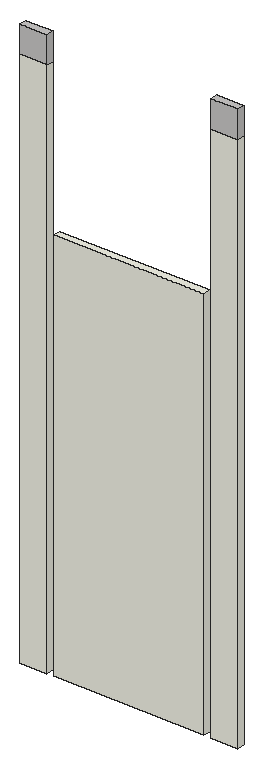
Revit family
Parameters (values of type "B-1048")
  Width Value = if(Inswing Visibility, Inswing Value, if(Outswing, Outswing Value, if(Panel, Panel Value, 36")))  # 22"
  URL = "http://www.bobrick.com"
  Right Stile Visible = yes
  Right Stile Value = if(Right Stile Width < 3", 3", if(Right Stile Width > 24", 24", Right Stile Width))  # 4"
  Partition Material = Laminated Plastic - Bobrick - Designer White
  Panel Value = if(DoorPanel Width < 1", 1", if(DoorPanel Width > 84", 84", DoorPanel Width))  # 1"
  Panel Height [instance] = if(Ceiling Height < 96", 84", if(Ceiling Height > 120", 108", (Ceiling Height - 12")))  # 84"
  Panel = not(Door Panel)  # no
  Outswing Value = if(DoorPanel Width < 25", 25", if(DoorPanel Width > 37", 37", DoorPanel Width))  # 25"
  Outswing = and(not(Inswing Visibility), Door Panel)  # no
  Model = "B1048 DesignerSeries Ceiling-Hung"
  Manufacturer = "Bobrick Washroom Equipment, Inc."
  Left Stile Visible = yes
  Left Stile Value = if(Left Stile Width < 3", 3", if(Left Stile Width > 24", 24", Left Stile Width))  # 4"
  Inswing Visibility = and(Inswing, Door Panel)  # yes
  Inswing Value = if(DoorPanel Width < 22", 22", if(DoorPanel Width > 37", 37", DoorPanel Width))  # 22"
  Inswing = yes
  DoorPanel Width = 1"
  Door Panel = yes
  Description = "Partitioins and Screens wirh Laminated Plastic Surfaces and Edges"
  Right Stile Width = 4"
  Ceiling Height [instance] = 96"
  Assembly Code = "C1030200"
  Left Stile Width = 4"
Reference planes (in)
  plane 1 "Center (Front/Back)": y = 0
  plane 2 "Ceiling": z = 96
  plane 3 "Center (Left/Right)": x = 0
  plane 4: y = 0.5
  plane 5: y = -0.5
  plane 6: x = -16
  plane 7: x = -12
  plane 8: x = -11
  plane 9: x = 11
  plane 10: x = 12
  plane 11: x = 16
  plane 12: z = 92
  plane 13: z = 70
  plane 14: z = 12
  plane 15: z = 41
  plane 16: x = 10
  plane 17: y = 22.5
Forms (in)
  Extrusion 1, solid, material "Laminated Plastic - Bobrick - Designer White" <- "Partition Material", visible <- "Left Stile Visible"
    sketch origin (0, 0, 0) x (1, 0, 0) y (0, 1, 0)
      loop
        line (-16, 0.5) -> (-16, -0.5) -> (-12, -0.5) -> (-12, 0.5) -> (-16, 0.5)
    from 12 to 92
  Extrusion 2, solid, material "Laminated Plastic - Bobrick - Designer White" <- "Partition Material", visible <- "Right Stile Visible"
    sketch origin (0, 0, 0) x (1, 0, 0) y (0, 1, 0)
      loop
        line (12, 0.5) -> (12, -0.5) -> (16, -0.5) -> (16, 0.5) -> (12, 0.5)
    from 12 to 92
  Extrusion 3, solid, material "Laminated Plastic - Bobrick - Designer White" <- "Partition Material"
    sketch origin (0, 0, 0) x (1, 0, 0) y (0, 1, 0)
      loop
        line (-11, 0.5) -> (-11, -0.5) -> (11, -0.5) -> (11, 0.5) -> (-11, 0.5)
    from 12 to 70
  Extrusion 4, solid, material "Stainless Steel - Bobrick - Satin", visible <- "Left Stile Visible"
    sketch origin (0, 0, 0) x (1, 0, 0) y (0, 1, 0)
      loop
        line (-16, 0.5) -> (-16, -0.5) -> (-12, -0.5) -> (-12, 0.5) -> (-16, 0.5)
    from 92 to 96
  Extrusion 5, solid, material "Stainless Steel - Bobrick - Satin", visible <- "Right Stile Visible"
    sketch origin (0, 0, 0) x (1, 0, 0) y (0, 1, 0)
      loop
        line (12, 0.5) -> (12, -0.5) -> (16, -0.5) -> (16, 0.5) -> (12, 0.5)
    from 92 to 96
Lines and regions (in)
  Masking region 1, visible <- "Left Stile Visible"
    outline origin (0, 0, 0) x (1, 0, 0) y (0, 0, 1)
      loop
        line (-16, 12) -> (-12, 12) -> (-12, 96) -> (-16, 96) -> (-16, 12)
  Masking region 2, visible <- "Right Stile Visible"
    outline origin (0, 0, 0) x (1, 0, 0) y (0, 0, 1)
      loop
        line (12, 96) -> (12, 12) -> (16, 12) -> (16, 96) -> (12, 96)
  Masking region 3
    outline origin (0, 0, 0) x (1, 0, 0) y (0, 0, 1)
      loop
        line (-11, 70) -> (-11, 12) -> (11, 12) -> (11, 70) -> (-11, 70)
  Masking region 4
    outline origin (0, 0, 0) x (0, 1, 0) y (0, 0, 1)
      loop
        line (0.5, 96) -> (-0.5, 96) -> (-0.5, 12) -> (0.5, 12) -> (0.5, 96)
  Masking region 5, visible <- "Left Stile Visible"
    outline origin (0, 0, 0) x (1, 0, 0) y (0, 1, 0)
      loop
        line (-16, 0.5) -> (-16, -0.5) -> (-12, -0.5) -> (-12, 0.5) -> (-16, 0.5)
  Masking region 6, visible <- "Panel"
    outline origin (0, 0, 0) x (1, 0, 0) y (0, 1, 0)
      loop
        line (-11, 0.5) -> (-11, -0.5) -> (11, -0.5) -> (11, 0.5) -> (-11, 0.5)
  Masking region 7, visible <- "Right Stile Visible"
    outline origin (0, 0, 0) x (1, 0, 0) y (0, 1, 0)
      loop
        line (12, 0.5) -> (12, -0.5) -> (16, -0.5) -> (16, 0.5) -> (12, 0.5)
  symbolic lines, style "Partition Elevation Swing", visible <- "Door Panel"
    curve 1: line (-11, 0, 70) -> (11, 0, 41)
    curve 2: line (11, 0, 41) -> (-11, 0, 12)
  symbolic lines, style "Partition Plan Swing", visible <- "Door Panel"
    curve 3: line (10, 22.5, 0) -> (10, 0.5, 0)
    curve 4: line (10, 22.5, 0) -> (11, 22.5, 0)
    curve 5: line (11, 22.5, 0) -> (11, 0.5, 0)
    curve 6: line (10, 0.5, 0) -> (11, 0.5, 0)
    curve 7: arc (-11, 0.5, 0) -> (-4.55635, 16.05635, 0) -> (11, 22.5, 0) r 22
  symbolic lines, style "Partition", visible <- "Left Stile Visible"
    curve 8: line (-16, 0, 92) -> (-12, 0, 92)
  symbolic lines, style "Partition", visible <- "Right Stile Visible"
    curve 9: line (12, 0, 92) -> (16, 0, 92)
Dimensions and locks (in)
  equal spacing: host sketch curve, plane 3 "Center (Left/Right)", host sketch curve
  equal spacing: host sketch curve, plane 1 "Center (Front/Back)", host sketch curve
  host sketch curve to host sketch curve = 120"  (x2)
  locked: plane 7 to plane 8 at 1
  locked: plane 9 to plane 10 at 1
  "Width Value": plane 8 to plane 9
  equal spacing: plane 8, plane 3 "Center (Left/Right)", plane 9
  "Right Stile Value": plane 10 to plane 11
  "Left Stile Value": plane 6 to plane 7
  equal spacing: plane 5, plane 1 "Center (Front/Back)", plane 4
  locked: plane 4 to plane 5 at 1
  locked: plane 2 "Ceiling" to plane 12 at 4
  locked: plane 13 to plane 14 at 58
  locked: plane 2 "Ceiling" to host ceiling
  "Panel Height": plane 2 "Ceiling" to plane 14
  equal spacing: plane 13, plane 15, plane 14
  "Width Value": plane 17 to plane 4
  locked: plane 16 to plane 9 at 1
  aligned and locked: Extrusion 1 sketch curve to plane 4
  aligned and locked: Extrusion 1 sketch curve to plane 7
  aligned and locked: plane 5 to Extrusion 1 sketch curve
  aligned and locked: plane 6 to Extrusion 1 sketch curve
  aligned and locked: Extrusion 2 sketch curve to plane 4
  aligned and locked: plane 10 to Extrusion 2 sketch curve
  aligned and locked: plane 5 to Extrusion 2 sketch curve
  aligned and locked: Extrusion 2 sketch curve to plane 11
  aligned and locked: Extrusion 3 sketch curve to plane 4
  aligned and locked: plane 8 to Extrusion 3 sketch curve
  aligned and locked: plane 5 to Extrusion 3 sketch curve
  aligned and locked: Extrusion 3 sketch curve to plane 9
  aligned: plane 2 "Ceiling" to Extrusion 1
  aligned and locked: plane 13 to Extrusion 3
  aligned: plane 2 "Ceiling" to Extrusion 2
  aligned and locked: Extrusion 2 to plane 14
  aligned and locked: Extrusion 3 to plane 14
  aligned and locked: Extrusion 1 to plane 14
  aligned and locked: plane 12 to Extrusion 1
  aligned and locked: plane 12 to Extrusion 2
  aligned and locked: Extrusion 4 sketch curve to plane 7
  aligned and locked: plane 6 to Extrusion 4 sketch curve
  aligned and locked: Extrusion 4 sketch curve to plane 4
  aligned and locked: plane 5 to Extrusion 4 sketch curve
  aligned and locked: plane 2 "Ceiling" to Extrusion 4
  aligned and locked: Extrusion 4 to plane 12
  aligned and locked: curve 3 to plane 16
  aligned and locked: curve 4 to plane 17
  aligned and locked: Extrusion 3 to curve 7
  aligned and locked: plane 9 to curve 7
  aligned and locked: plane 4 to curve 7
  aligned and locked: Extrusion 5 to plane 10
  aligned and locked: plane 11 to Extrusion 5
  aligned and locked: Extrusion 5 to plane 12
  aligned and locked: plane 2 "Ceiling" to Extrusion 5
  aligned and locked: Masking region 1 sketch curve to plane 6
  aligned and locked: Masking region 1 sketch curve to plane 14
  aligned and locked: plane 7 to Masking region 1 sketch curve
  aligned and locked: plane 2 "Ceiling" to Masking region 1 sketch curve
  aligned and locked: curve 8 to plane 12
  aligned and locked: plane 7 to curve 8
  aligned and locked: plane 6 to curve 8
  aligned and locked: plane 14 to Masking region 2 sketch curve
  aligned and locked: Masking region 2 sketch curve to plane 11
  aligned and locked: plane 10 to Masking region 2 sketch curve
  aligned and locked: Masking region 2 sketch curve to plane 2 "Ceiling"
  aligned and locked: curve 9 to plane 12
  aligned and locked: plane 10 to curve 9
  aligned and locked: plane 11 to curve 9
  aligned and locked: Masking region 3 sketch curve to plane 9
  aligned and locked: plane 8 to Masking region 3 sketch curve
  aligned and locked: Masking region 3 sketch curve to plane 13
  aligned and locked: plane 14 to Masking region 3 sketch curve
  aligned and locked: plane 14 to Masking region 4 sketch curve
  aligned and locked: Masking region 4 sketch curve to plane 2 "Ceiling"
  aligned and locked: Masking region 4 sketch curve to plane 4
  aligned and locked: Masking region 4 sketch curve to plane 5
  aligned and locked: plane 11 to Masking region 7
  aligned and locked: plane 4 to Masking region 7
  aligned and locked: Masking region 7 to plane 10
  aligned and locked: Masking region 7 to plane 5
  aligned and locked: plane 9 to Masking region 6
  aligned and locked: Masking region 6 to plane 8
  aligned and locked: plane 4 to Masking region 6
  aligned and locked: Masking region 6 to plane 5
  aligned and locked: plane 7 to Masking region 5
  aligned and locked: Masking region 5 to plane 6
  aligned and locked: plane 4 to Masking region 5
  aligned and locked: Masking region 5 to plane 5
Automatic sketch dimensions
  curve 2 to plane 8 = 0"
  curve 1 to plane 8 = 0"
  curve 2 to plane 9 = 0"
  curve 2 to plane 14 = 0"
  curve 1 to plane 15 = 0"
  curve 1 to plane 13 = 0"
  curve 5 to plane 4 = 0"
  Extrusion 5 sketch curve to plane 4 = 0"
  Extrusion 5 sketch curve to plane 10 = 0"
  plane 11 to Extrusion 5 sketch curve = 0"
  Extrusion 5 sketch curve to plane 5 = 0"
  Masking region 5 sketch curve to plane 6 = 0"
  Masking region 5 sketch curve to plane 5 = 0"
  Masking region 5 sketch curve to plane 7 = 0"
  plane 4 to Masking region 5 sketch curve = 0"
  plane 7 to Masking region 6 sketch curve = 1"
  plane 3 "Center (Left/Right)" to Masking region 6 sketch curve = 11"
  Masking region 6 sketch curve to plane 5 = 0"
  plane 4 to Masking region 6 sketch curve = 0"
  plane 16 to Masking region 7 sketch curve = 2"
  Masking region 7 sketch curve to plane 5 = 0"
  plane 10 to Masking region 7 sketch curve = 4"
  plane 4 to Masking region 7 sketch curve = 0"
